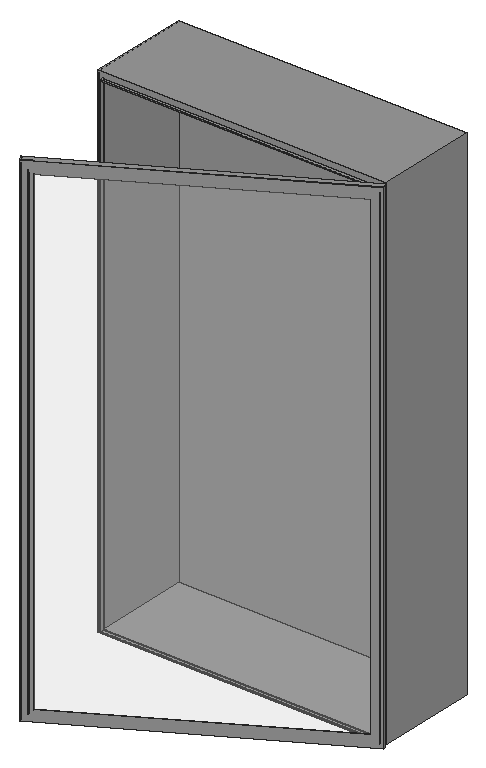
Revit family "Hager-Orion_Inox-IP66-D300-Cl.I-Inox_encl-630A-1400mm-NoHosted-CH-it", category Equipement électrique, Revit 2020
Family settings
  Configuration du panneau = Deux colonnes, circuits au sein
  Cote de connecteur circulaire = Utiliser le diamètre
  Type d'élément = Tableau de raccordement
  Basée sur le plan de construction = Oui
  Toujours verticalement = Oui
  Couper avec des vides une fois chargée = Non
  Partagée = Non
  Point de calcul de pièce = Non
Parameters (values of type "A parete IP66 L800 A1400 P300  - FL049TWL")
  Width Control [instance] = if([EF000008 - Larghezza] > Min Width, [EF000008 - Larghezza], Min Width)  # 800 mm
  Commentaires du type = [HG000003 - Gamma]  # "Orion Inox"
  Thickness Door [instance] = if([EF009171 - spessore materiale porta/coperchio] > 3 mm, 3 mm, [EF009171 - spessore materiale porta/coperchio])  # 1.5 mm
  Seal Frame Offset [instance] = 17 mm  # constant formula
  Min Width [instance] = 100 mm  # constant formula
  Min Depth [instance] = (2 * [EF009170 - spessore materiale scatola]) + 1 mm  # 4 mm
  Min Height [instance] = 100 mm  # constant formula
  Internal Frame Depth [instance] = -(Door System Depth * 0.5)  # -9 mm
  Panel Name [instance] = ""  # (empty or 0)
  Model = ""
  HG000027 - Altezza dello zoccolo = 0 mm
  HG000026 - A pavimento = no
  HG000024 - Altezza della sezione inferiore = 600 mm
  HG000023 - Custodia a doppia sezione = no
  HG000016 - Visibilità delle porte nella vista 3D [instance] = yes
  HG000015 - Visibilità attraverso la porta [instance] = no
  HG000014 - Porta destra [instance] = yes
  HG000013 - Porta sinistra [instance] = not([HG000014 - Porta destra])  # no
  HG000012 - Angolo di apertura della porta [instance] = 30.00°
  HG000010 - Porte asimmetriche = no
  HG000009 - Porta doppia a battente = no
  HG000006 - Ad incasso = no
  HG000004 - Codice produttore = "FL049TWL"
  HG000003 - Gamma = "Orion Inox"
  HG000002 - Con porta = yes
  Frame Offset Bottom [instance] = 10 mm  # constant formula
  Frame Offset [instance] = 15 mm  # constant formula
  EF015940 - Coprire con rilascio di sovrapressione = no
  EF011959 - tipo di protezione (NEMA) = ""
  EF009554 - numero delle aperture per la piastra della flangia = 0
  EF009212 - esecuzione coperchio = "EV000116 - chiuso"
  EF009171 - spessore materiale porta/coperchio = 1.5 mm
  EF009170 - spessore materiale scatola = 1.5 mm
  EF008873 - corrente nominale (In) = 630 A
  EF007800 - adatto per parafulmine = no
  EF006306 - con serratura = yes
  EF006244 - coperchio/porta trasparente = yes
  EF005474 - grado di protezione (IP) = "EV006422 - IP66"
  EF004464 - tipo di porta = "EV002646 - singolo"
  EF004427 - numero di moduli = 0
  EF004293 - resistenza agli urti = "EV006814 - IK08"
  EF003532 - adatto per uso esterno = yes
  EF002950 - Numero moduli DIN = 0
  EF001613 - Integrità del circuito = "EV000494 - senza"
  EF001596 - Attacco Lampada = "EV000166 - acciaio inossidabile"
  EF001131 - profondità interna = 266 mm
  EF001088 - possibilità di applicazione = yes
  EF000437 - numero di ingressi per conduttori = 0
  EF000339 - tipo di copertura = "EV004216 - porta"
  EF000266 - numero di file = 0
  EF000218 - profondità di incasso = 0 mm
  EF000118 - con piastra di montaggio = no
  EF000116 - numero RAL = ""
  EF000049 - profondità = 300 mm
  EF000040 - Altezza = 1400 mm
  EF000008 - Larghezza = 800 mm
  EF000007 - colore = "EV000154 - altri"
  EF000003 - Tipo di montaggio = "EV000384 - A parete"
  Door System Leaf Tolerance [instance] = 1.5 mm  # constant formula
  Door System Depth [instance] = 18 mm  # constant formula
  Description = ""
  Default Elevation = 1219.2 mm
  Connector Offset [instance] = Height Control / 2  # 700 mm
  Fabricant = "Hager"  # constant formula
  Height Control [instance] = if([EF000040 - Altezza] > Min Height, [EF000040 - Altezza], Min Height)  # 1400 mm
  Depth Control [instance] = if([EF000049 - profondità] > Min Depth, [EF000049 - profondità], Min Depth)  # 300 mm
Types (4, lengths in mm): name | HG000004 - Codice produttore | EF006244 - coperchio/porta trasparente | EF004293 - resistenza agli urti
  A parete IP66 L800 A1400 P300  - FL049BW | "FL049BW" | no | "EV008784 - IK10"
  A parete IP66 L800 A1400 P300  - FL049BWL | "FL049BWL" | no | "EV008784 - IK10"
  A parete IP66 L800 A1400 P300  - FL049TW | "FL049TW" | yes | "EV006814 - IK08"
  A parete IP66 L800 A1400 P300  - FL049TWL | "FL049TWL" | yes | "EV006814 - IK08"
Reference planes
  plane 1 "Center (Front/Back)": y = 0
  plane 2: z = 0
  plane 3 "Center (Left/Right)": x = 0
  plane 4: y = 0
  plane 5: y = 0
  plane 6: z = 0
  plane 7: x = -400
  plane 8: x = 400
  plane 9: x = 398.5
  plane 10: x = -398.5
  plane 11: z = 0
  plane 12: z = 1.5
  plane 13: y = -300
  plane 14: y = -1.5
  plane 15: x = 0
  plane 16: y = -282
  plane 17: y = -298.5
  plane 18: y = -280.5
  plane 19: x = -383.5
  plane 20: x = 383.5
  plane 21: z = 11.5
  plane 22: x = -383
  plane 23: x = 383
  plane 24: z = 0
  plane 25: z = 1400
  plane 26: z = 1400
  plane 27: z = 1383.5
  plane 28: z = 1398.5
Forms (mm)
  Extrusion 1, solid, material "Hager_Stainless_Steel", detail levels medium+fine
    sketch origin (-208.679, -4572, 0) x (-1, 0, 0) y (0, -1, 0)
      loop
        line (191.321, -4290) -> (-608.679, -4290) -> (-608.679, -4572) -> (191.321, -4572) -> (191.321, -4290)
    from 0 to 1400
  Extrusion 2, void
    sketch origin (-350.771, -300, 1219.2) x (1, 0, 0) y (0, 0, 1)
      loop
        line (-47.729, 179.3) -> (-47.729, -1217.7) -> (749.271, -1217.7) -> (749.271, 179.3) -> (-47.729, 179.3)
    from -19.5 to -298.5
  Extrusion 3, void
    sketch origin (-290.084, -282, 1219.2) x (1, 0, 0) y (0, 0, 1)
      loop
        line (-93.416, -1207.7) -> (673.584, -1207.7) -> (673.584, 164.3) -> (-93.416, 164.3) -> (-93.416, -1207.7)
    from 0 to -1.5
  Extrusion 4, solid, material "Hager_Stainless_Steel", detail levels fine
    sketch origin (-290.084, -282, 1219.2) x (-1, 0, 0) y (0, 0, 1)
      loop
        line (-673.584, -1207.7) -> (93.416, -1207.7) -> (93.416, 164.3) -> (-673.584, 164.3) -> (-673.584, -1207.7)
      loop
        line (-675.084, -1209.2) -> (94.916, -1209.2) -> (94.916, 165.8) -> (-675.084, 165.8) -> (-675.084, -1209.2)
    from 0 to -9 <- "Internal Frame Depth"
  Extrusion 5, solid, material "Hager_Stainless_Steel", detail levels coarse
    sketch origin (0, 0, 0) x (1, 0, 0) y (0, 1, 0)
      loop
        line (-400, 0) -> (-400, -300) -> (400, -300) -> (400, 0) -> (-400, 0)
    from 0 to 1400 <- "Height Control"
Cuts and joins
  Extrusion 2, Extrusion 3 cuts Extrusion 1
Lines and regions (mm)
  Masking region 1
    outline origin (0, 0, 0) x (1, 0, 0) y (0, 1, 0)
      loop
        line (-400, 0) -> (-400, -300) -> (400, -300) -> (400, 0) -> (-400, 0)
  Masking region 2
    outline origin (-290.084, -282, 1219.2) x (-1, 0, 0) y (0, 0, 1)
      loop
        line (-690.084, -1219.2) -> (109.916, -1219.2) -> (109.916, 180.8) -> (-690.084, 180.8) -> (-690.084, -1219.2)
  Masking region 3, detail levels coarse
    outline origin (0, 0, 0) x (0, 1, 0) y (0, 0, 1)
      loop
        line (0, 0) -> (0, 1400) -> (-300, 1400) -> (-300, 0) -> (0, 0)
  Masking region 4, detail levels medium+fine
    outline origin (0, 0, 594.038) x (0, 1, 0) y (0, 0, 1)
      loop
        line (0, -594.038) -> (0, 805.962) -> (-282, 805.962) -> (-282, -594.038) -> (0, -594.038)
Dimensions and locks
  locked: plane 1 "Center (Front/Back)" to plane 5
  "EF009170 - spessore materiale scatola": plane 7 to plane 10
  "EF009170 - spessore materiale scatola": plane 8 to plane 9
  equal spacing: plane 7, plane 3 "Center (Left/Right)", plane 8
  "Width Control": plane 7 to plane 8
  "Depth Control": plane 4 to plane 13
  "EF009170 - spessore materiale scatola": plane 4 to plane 14
  "Height Control": plane 25 to level
  "EF009170 - spessore materiale scatola": plane 12 to plane 11
  "EF009170 - spessore materiale scatola": plane 17 to plane 13
  "EF009170 - spessore materiale scatola": plane 18 to plane 16
  "Frame Offset Bottom": plane 21 to plane 12
  "Frame Offset": plane 10 to plane 19
  "Frame Offset": plane 9 to plane 20
  "Door System Depth": plane 16 to plane 13
  "Seal Frame Offset": plane 7 to plane 22
  "Seal Frame Offset": plane 8 to plane 23
  "EF009170 - spessore materiale scatola": plane 26 to plane 28
  "Frame Offset": plane 28 to plane 27
  "Connector Offset": plane 2 to connector elem
  "Thickness Door": cut or joined group of Extrusion 1, Extrusion 2, Extrusion 3 to Extrusion 4 sketch curve
  "Thickness Door": Extrusion 4 sketch curve to plane 19
  "Thickness Door": Extrusion 4 sketch curve to plane 20
  "Thickness Door": Extrusion 4 sketch curve to plane 27
  aligned and locked: Extrusion 2 sketch curve to plane 12
  aligned and locked: Extrusion 2 sketch curve to plane 9
  aligned and locked: Extrusion 2 sketch curve to plane 10
  aligned and locked: Extrusion 2 to plane 14
  aligned and locked: Extrusion 1 sketch curve to plane 4
  aligned and locked: plane 8 to Extrusion 1 sketch curve
  aligned and locked: plane 7 to Extrusion 1 sketch curve
  aligned and locked: Extrusion 2 to plane 18
  aligned and locked: Extrusion 3 sketch curve to plane 19
  aligned and locked: plane 20 to Extrusion 3 sketch curve
  aligned and locked: Extrusion 3 to Extrusion 2
  aligned and locked: Extrusion 3 sketch curve to plane 21
  aligned and locked: plane 3 "Center (Left/Right)" to nested 1
  aligned and locked: Extrusion 1 sketch curve to plane 16
  aligned and locked: Masking region 1 sketch curve to plane 7
  aligned and locked: Masking region 1 sketch curve to plane 5
  aligned and locked: Masking region 1 sketch curve to plane 8
  aligned and locked: Masking region 2 sketch curve to level
  aligned and locked: level to Masking region 3 sketch curve
  aligned and locked: plane 1 "Center (Front/Back)" to Masking region 3 sketch curve
  aligned and locked: plane 13 to Masking region 3 sketch curve
  aligned and locked: Masking region 2 sketch curve to plane 8
  aligned and locked: Masking region 2 sketch curve to plane 7
  aligned and locked: plane 7 to nested 2
  aligned and locked: nested 2 to plane 5
  aligned and locked: plane 5 to Masking region 4 sketch curve
  aligned and locked: plane 26 to Masking region 4 sketch curve
  aligned and locked: Extrusion 5 sketch curve to plane 8
  aligned and locked: Extrusion 5 sketch curve to plane 7
  aligned and locked: Extrusion 5 sketch curve to plane 5
  aligned and locked: Extrusion 3 sketch curve to plane 27
  aligned and locked: Extrusion 2 sketch curve to plane 28
  aligned and locked: Extrusion 4 sketch curve to plane 27
  aligned and locked: Extrusion 4 sketch curve to plane 20
  aligned and locked: Extrusion 4 sketch curve to plane 21
  aligned and locked: Extrusion 4 sketch curve to plane 19
  aligned and locked: Masking region 2 to plane 25
  aligned and locked: Masking region 4 sketch curve to plane 24
  aligned and locked: Masking region 1 to plane 13
  aligned and locked: nested 1 to plane 16
  aligned and locked: Masking region 3 to plane 25
  aligned and locked: Masking region 4 sketch curve to plane 16
  aligned and locked: plane 24 to plane 11
  aligned and locked: plane 26 to plane 25
  aligned and locked: level to plane 24
  aligned and locked: Extrusion 1 to Masking region 3
  aligned and locked: level to nested 1
Automatic sketch dimensions
  Extrusion 5 sketch curve to plane 13 = 0 mm
  plane 27 to Masking region 2 sketch curve = 16.5 mm
  plane 27 to Masking region 3 sketch curve = 16.5 mm
  Masking region 1 sketch curve to plane 13 = 0 mm
  Extrusion 3 sketch curve to plane 21 = 0 mm
  plane 19 to Extrusion 3 sketch curve = 0 mm
  Extrusion 3 sketch curve to plane 20 = 0 mm
Nested families
  nested 1: "EC000058_OrionInox_Door" at (0, -282, 0), Double <- "HG000009 - Porta doppia a battente", Transparent <- "EF006244 - coperchio/porta trasparente", Angle <- "HG000012 - Angolo di apertura della porta", Door_Right <- "HG000014 - Porta destra", Assymetrical <- "HG000010 - Porte asimmetriche", Door <- "HG000002 - Con porta", Width_Ctrl <- "Width Control", 3d_Door <- "HG000016 - Visibilità delle porte nella vista 3D", Clearance <- "HG000015 - Visibilità attraverso la porta", Door_Left <- "HG000013 - Porta sinistra", Width <- "Width Control", Door_Depth <- "Door System Depth", Leaf_Tolerance <- "Door System Leaf Tolerance", Height <- "Height Control", Thickness <- "Thickness Door", type "EC000058_OrionInox_Door", detail levels medium+fine
    with min_wh 4 mm, Width_Ctrl 800 mm, Width 800 mm, Transparent yes, Thickness 1.5 mm, Seal_Material Hager_Rubber, Leaf_Width 800 mm, Leaf_Tolerance_External_Sides 0 mm, Leaf_Tolerance 1.5 mm, Leaf_Offset 0 mm, Leaf_Height 1397 mm, Leaf_2_Width 800 mm, Leaf_2_Offset 400 mm, Leaf_1_Width 800 mm, Leaf_1_Offset 400 mm, Height_Ctrl 1400 mm, Height 1400 mm, Glass_Material Hager_Glass, Double_Clearance_Ctrl no, Double no, Door_Right_Ctrl yes, Door_Right yes, Door_Material Hager_Stainless_Steel, Door_Left_Ctrl no, Door_Left no, Door_Depth 18 mm, Door yes, Clearance_Material Hager_Clearance, Clearance_Depth 800 mm, Clearance_Ctrl no, Clearance no, Assymetrical no, Angle 30.00°, 3d_Door yes
  nested 2: "Hager_Enclosure_Symbol" at (-400, 0, 0), Height <- "Depth Control", Width <- "Width Control", type "Hager_Enclosure_Symbol"
    with Width_Ctrl 800 mm, Width 800 mm, Height_Ctrl 300 mm, Height 300 mm, A_Width_Int 19.688 mm, A_Width 236.25 mm, A_Height_Ctrl 262.5 mm, A_Height 262.5 mm
Connectors
  electrical at (0, 0, 700)
    settings: on plane 1 "Center (Front/Back)", index 1, voltage 0 V, apparent load 0 VA, apparent load phase1 0 VA, apparent load phase2 0 VA, apparent load phase3 0 VA, power factor 1, load classification "Other", number of poles 1, system type 30, power factor state 1, is connector primary yes, connector utility no, sub classification motor no, connector description ""
Definition of nested family "EC000058_OrionInox_Door"
  Parameters (values of type "EC000058_OrionInox_Door")
    min_wh [instance] = (2 * Thickness) + 1 mm  # 11 mm
    Width_Ctrl [instance] = 400 mm
    Width [instance] = 500 mm
    Transparent [instance] = yes
    Thickness [instance] = 5 mm
    Seal_Material [instance] = none
    Leaf_Width [instance] = if((Width_Ctrl - 2 * Leaf_Tolerance_External_Sides) > 0 mm, (Width_Ctrl - 2 * Leaf_Tolerance_External_Sides), min_wh)  # 400 mm
    Leaf_Tolerance_External_Sides [instance] = 0 mm  # constant formula
    Leaf_Tolerance [instance] = 1.5 mm
    Leaf_Offset [instance] = 0 mm  # constant formula
    Leaf_Height [instance] = if((Height_Ctrl - 2 * Leaf_Tolerance) > 0 mm, (Height_Ctrl - 2 * Leaf_Tolerance), min_wh)  # 497 mm
    Leaf_2_Width [instance] = if(and(and(Double, Assymetrical), Door_Left), (Leaf_Width / 3) - (Leaf_Tolerance / 2), if(and(and(Double, Assymetrical), Door_Right), (Leaf_Width / 3) * 2 - (Leaf_Tolerance / 2), if(and(Double, not(Assymetrical)), (Leaf_Width / 2) - Leaf_Tolerance, Leaf_Width)))  # 400 mm
    Leaf_2_Offset [instance] = if(and(Double, Assymetrical), Leaf_2_Width / 2, if(and(Double, not(Assymetrical)), Leaf_Width / 4, Leaf_Width / 2))  # 200 mm
    Leaf_1_Width [instance] = if(and(and(Double, Assymetrical), Door_Right), (Leaf_Width / 3) - (Leaf_Tolerance / 2), if(and(and(Double, Assymetrical), Door_Left), (Width / 3) * 2 - (Leaf_Tolerance / 2), if(and(Double, not(Assymetrical)), (Leaf_Width / 2) - Leaf_Tolerance, Leaf_Width)))  # 400 mm
    Leaf_1_Offset [instance] = if(and(Double, Assymetrical), Leaf_1_Width / 2, if(and(Double, not(Assymetrical)), Leaf_Width / 4, Leaf_Width / 2))  # 200 mm
    Height_Ctrl [instance] = if(Height > min_wh, Height, min_wh)  # 500 mm
    Height [instance] = 500 mm
    Glass_Material [instance] = none
    Double_Clearance_Ctrl [instance] = and(Double, Clearance)  # no
    Double [instance] = no
    Door_Right_Ctrl [instance] = and(or(Door_Right, Double), Door)  # yes
    Door_Right [instance] = yes
    Door_Material [instance] = none
    Door_Left_Ctrl [instance] = and(or(Door_Left, Double), Door)  # no
    Door_Left [instance] = no
    Door_Depth [instance] = 30 mm
    Door [instance] = yes
    Default Elevation = 1219.2 mm
    Clearance_Material [instance] = none
    Clearance_Depth [instance] = if(Leaf_1_Width > Leaf_2_Width, Leaf_1_Width, Leaf_2_Width)  # 400 mm
    Clearance_Ctrl [instance] = and(not(Double), Clearance)  # yes
    Clearance [instance] = yes
    Assymetrical [instance] = yes
    Angle [instance] = 30.00°
    3d_Door [instance] = yes
  Reference planes
    plane 1 "Center (Front/Back)": y = 0
    plane 2 "Bottom": z = 0
    plane 3 "Center (Left/Right)": x = 0
    plane 4: z = 500
    plane 5: x = -200
    plane 6: x = 200
    plane 7: z = 500
    plane 8: x = -200
    plane 9: z = 0
    plane 10: x = 200
    plane 11: y = 0
    plane 12: z = 1.5
    plane 13: x = -600
    plane 14: y = -400
    plane 15: x = 600
    plane 16: x = 0
    plane 17: x = 0
    plane 18: x = -200
    plane 19: x = 200
    plane 20: z = 498.5
  Forms (mm)
    Extrusion 1, solid, material <- "Clearance_Material", visible <- "Double_Clearance_Ctrl"
      sketch origin (1200, 0, 0) x (1, 0, 0) y (0, 0, -1)
        loop
          line (-1800, -498.5) -> (-600, -498.5) -> (-600, 0) -> (-1800, 0) -> (-1800, -498.5)
      from 0 to -400
  Dimensions and locks
    equal spacing: plane 5, plane 3 "Center (Left/Right)", plane 6
    "Width_Ctrl": plane 5 to plane 6
    "Leaf_Offset": plane 5 to plane 8
    "Leaf_Offset": plane 6 to plane 10
    "Leaf_Offset": plane 9 to level
    "Leaf_Offset": plane 4 to plane 7
    "Height_Ctrl": plane 4 to level
    "Leaf_Tolerance": plane 12 to plane 9
    locked: plane 11 to plane 1 "Center (Front/Back)"
    "Leaf_1_Offset": plane 18 to plane 16
    "Leaf_2_Offset": plane 17 to plane 19
    "Leaf_1_Width": plane 13 to plane 8
    "Leaf_2_Width": plane 10 to plane 15
    "Clearance_Depth": plane 14 to plane 1 "Center (Front/Back)"
    "Leaf_Tolerance_External_Sides": plane 8 to plane 18
    "Leaf_Tolerance_External_Sides": plane 19 to plane 10
    "Leaf_Tolerance": plane 7 to plane 20
    aligned and locked: level to plane 2 "Bottom"
    aligned and locked: nested 1 to plane 16
    aligned and locked: nested 2 to plane 17
    aligned and locked: Extrusion 1 to plane 13
    aligned and locked: plane 15 to Extrusion 1
    aligned and locked: Extrusion 1 to plane 14
    aligned and locked: plane 12 to nested 1
    aligned and locked: nested 2 to plane 12
    aligned and locked: Extrusion 1 to plane 11
    aligned and locked: plane 20 to Extrusion 1
    aligned and locked: nested 2 to plane 11
    aligned and locked: nested 1 to plane 11
  Automatic sketch dimensions
    Extrusion 1 sketch curve to level = 0 mm
    plane 5 to Extrusion 1 sketch curve = 400 mm
    plane 6 to Extrusion 1 sketch curve = 400 mm
    Extrusion 1 sketch curve to plane 4 = 1.5 mm
  Nested families
    nested 1: "EC000058_OrionInox_Door_Leaf" at (0, 0, 1.5), Width <- "Leaf_1_Width", visible <- "Door_Left_Ctrl", Leaf_Height <- "Leaf_Height", Angle <- "Angle", 3d_Door <- "3d_Door", Transparent <- "Transparent", Clearance Material <- "Clearance_Material", Clearance <- "Clearance_Ctrl", Door_Material <- "Door_Material", Glass_Material <- "Glass_Material", Door_Depth <- "Door_Depth", Seal_Material <- "Seal_Material", Thickness <- "Thickness", type "EC000058_OrionInox_Door_Leaf"
      with Width 400 mm, Transparent_Ctrl yes, Transparent yes, Thickness 5 mm, Standard no, Seal_Material none, Seal_D2 8 mm, Seal_D1 1 mm, Offset_Internal_Frame 10 mm, Lock_Width 28 mm, Lock_Thickness 2 mm, Lock_Radius 6 mm, Leaf_Height 497 mm, Internal_Seal_Thickness 8 mm, Internal_Seal_Depth_2 4.5 mm, Internal_Frame_Depth 25 mm, Glass_Thickness -1 mm, Glass_Offset -2 mm, Glass_Material none, Door_Material none, Door_Depth 30 mm, Clearance Material none, Clearance yes, Angle_Ctrl 30.00°, Angle 30.00°, 3d_Door yes
    nested 2: "EC000058_OrionInox_Door_Leaf" at (0, 0, 1.5) x (-1, 0, 0) z (0, 0, 1), Width <- "Leaf_2_Width", visible <- "Door_Right_Ctrl", Leaf_Height <- "Leaf_Height", Angle <- "Angle", 3d_Door <- "3d_Door", Transparent <- "Transparent", Clearance Material <- "Clearance_Material", Clearance <- "Clearance_Ctrl", Door_Material <- "Door_Material", Glass_Material <- "Glass_Material", Door_Depth <- "Door_Depth", Seal_Material <- "Seal_Material", Thickness <- "Thickness", type "EC000058_OrionInox_Door_Leaf"
      with Width 400 mm, Transparent_Ctrl yes, Transparent yes, Thickness 5 mm, Standard no, Seal_Material none, Seal_D2 8 mm, Seal_D1 1 mm, Offset_Internal_Frame 10 mm, Lock_Width 28 mm, Lock_Thickness 2 mm, Lock_Radius 6 mm, Leaf_Height 497 mm, Internal_Seal_Thickness 8 mm, Internal_Seal_Depth_2 4.5 mm, Internal_Frame_Depth 25 mm, Glass_Thickness -1 mm, Glass_Offset -2 mm, Glass_Material none, Door_Material none, Door_Depth 30 mm, Clearance Material none, Clearance yes, Angle_Ctrl 30.00°, Angle 30.00°, 3d_Door yes
  Definition of nested family "EC000058_OrionInox_Door_Leaf"
    Parameters (values of type "EC000058_OrionInox_Door_Leaf")
      Width [instance] = 450 mm
      Transparent_Ctrl [instance] = and(Transparent, [3d_Door])  # yes
      Transparent [instance] = yes
      Thickness [instance] = 5 mm
      Standard [instance] = and(not(Transparent), [3d_Door])  # no
      Seal_Material [instance] = none
      Seal_D2 [instance] = 8 mm  # constant formula
      Seal_D1 [instance] = 1 mm  # constant formula
      Offset_Internal_Frame [instance] = 10 mm  # constant formula
      Lock_Width [instance] = Door_Depth - Lock_Thickness  # 28 mm
      Lock_Thickness [instance] = 2 mm  # constant formula
      Lock_Radius [instance] = 6 mm  # constant formula
      Leaf_Height [instance] = 450 mm
      Internal_Seal_Thickness [instance] = 8 mm  # constant formula
      Internal_Seal_Depth_2 [instance] = 4.5 mm  # constant formula
      Internal_Frame_Depth [instance] = if(Door_Depth - Thickness > 5 mm, Door_Depth - Thickness, 5 mm)  # 25 mm
      Glass_Thickness [instance] = if(Thickness > 15 mm, Glass_Offset + 10 mm, -1 mm)  # -1 mm
      Glass_Offset [instance] = if(Thickness > 15 mm, -(Thickness + 10 mm) / 2, -2 mm)  # -2 mm
      Glass_Material [instance] = none
      Door_Material [instance] = none
      Door_Depth [instance] = 30 mm
      Default Elevation = 0 mm
      Clearance Material [instance] = none
      Clearance [instance] = yes
      Angle_Ctrl [instance] = if(Angle > 180.00°, 180.00°, Angle)  # 90.00°
      Angle [instance] = 90.00°
      3d_Door [instance] = yes
    Reference planes
      plane 1 "Center (Front/Back)": y = 0
      plane 2: z = 0
      plane 3 "Center (Left/Right)": x = 0
      plane 4: y = 450
      plane 5: x = -225
      plane 6: x = 225
      plane 7: x = -675
      plane 8: z = 450
      plane 9: z = 30
      plane 10: z = 420
      plane 11: x = 195
      plane 12: x = -195
      plane 13: y = -3
      plane 14: z = 107.833
      plane 15: y = -5
      plane 16: y = -223.314
      plane 17: x = -225
      plane 18: y = 30
    Forms (mm)
      Extrusion 1, solid, material <- "Clearance Material", visible <- "Clearance"
        sketch origin (0, 0, 0) x (1, 0, 0) y (0, 0, 1)
          loop
            line (-675, 450) -> (-675, 0) -> (225, 0) -> (225, 450) -> (-675, 450)
        from 0 to -450
      Extrusion 2, solid, material <- "Door_Material", visible <- "Standard", detail levels medium+fine
        sketch origin (-225, 0, 0) x (0, 1, 0) y (-1, 0, 0)
          loop
            line (0, 30) -> (0, 25) -> (450, 25) -> (450, 30) -> (0, 30)
        from 0 to 450 <- "Leaf_Height"
      Extrusion 3, solid, material <- "Door_Material", visible <- "Transparent_Ctrl", detail levels medium+fine
        sketch origin (-225, 0, 0) x (0, 1, 0) y (-1, 0, 0)
          loop
            line (0, 25) -> (450, 25) -> (450, 30) -> (0, 30) -> (0, 25)
        from 0 to 450 <- "Leaf_Height"
      Extrusion 4, void
        sketch origin (-250, 450, 0) x (0, 1, 0) y (0, 0, -1)
          loop
            line (-30, -420) -> (-30, -30) -> (-420, -30) -> (-420, -420) -> (-30, -420)
        from 0 to 5 <- "Thickness"
      Sweep 5, solid, material <- "Seal_Material", visible <- "Transparent_Ctrl", detail levels fine
        path in 3D
          loop
            line (-250, 30, 30) -> (-250, 30, 420) -> (-250, 420, 420) -> (-250, 420, 30) -> (-250, 30, 30)
        profile origin (-250, 225, 30) x (1, 0, 0) y (0, 0, 1)
          loop
            line (0, 0) -> (0, -8) -> (1, -8) -> (1, 0) -> (0, 0)
      Extrusion 6, solid, material <- "Glass_Material", visible <- "Transparent_Ctrl", detail levels medium+fine
        sketch origin (-255, 0, 0) x (0, 1, 0) y (0, 0, -1)
          loop
            line (420, -420) -> (420, -30) -> (30, -30) -> (30, -420) -> (420, -420)
        from -2 <- "Glass_Offset" to -1 <- "Glass_Thickness"
      Extrusion 7, solid, material <- "Door_Material", visible <- "3d_Door", detail levels medium+fine
        sketch origin (-250, 450, 0) x (0, -1, 0) y (0, 0, -1)
          loop
            line (0, -450) -> (450, -450) -> (450, 0) -> (0, 0) -> (0, -450)
          loop
            line (445, -5) -> (5, -5) -> (5, -445) -> (445, -445) -> (445, -5)
        from 0 to 25 <- "Internal_Frame_Depth"
      Sweep 8, solid, material <- "Seal_Material", visible <- "Transparent_Ctrl", detail levels fine
        path in 3D
          loop
            line (-250, 0, 0) -> (-250, 450, 0) -> (-250, 450, 450) -> (-250, 0, 450) -> (-250, 0, 0)
        profile origin (-250, 0, 225) x (1, 0, 0) y (0, 1, 0)
          loop
            line (0, 10) -> (2.975, 10)
            arc (2.975, 10) -> (4.053, 10.447) -> (4.5, 11.525) r 1.525
            line (4.5, 11.525) -> (4.5, 16.527)
            arc (4.5, 16.527) -> (4.069, 17.569) -> (3.027, 18) r 1.473
            line (3.027, 18) -> (0, 18) -> (0, 10)
    Cuts and joins
      Extrusion 4 cuts Extrusion 3
    Lines and regions (mm)
      Masking region 1, detail levels medium+fine
        outline origin (0, 0, 0) x (0, 1, 0) y (0, 0, 1)
          loop
            line (0, 0) -> (30, 0) -> (30, 450) -> (0, 450) -> (0, 0)
      Masking region 2, detail levels medium+fine
        outline origin (0, 0, 0) x (1, 0, 0) y (0, 0, 1)
          loop
            line (-225, 450) -> (-225, 0) -> (225, 0) -> (225, 450) -> (-225, 450)
      symbolic lines
        curve 1: line (225, 0, 0) -> (-675, 0, 0)
        curve 2: arc (225, 0, 0) -> (-225, 450, 0) -> (-675, 0, 0) r 450
        curve 4: line (-255, 0, 0) -> (-255, 450, 0)
      reference lines
        curve 3: line (-225, 0, 0) -> (-225, 450, 0)
      symbolic lines, detail levels medium+fine
        curve 5: line (-255, 450, 0) -> (-250, 450, 0)
        curve 7: line (-250, 0, 0) -> (-255, 0, 0)
        curve 8: line (-250, 0, 0) -> (-225, 0, 0)
        curve 9: line (-225, 0, 0) -> (-225, 450, 0)
        curve 10: line (-225, 450, 0) -> (-250, 450, 0)
      symbolic lines, detail levels fine
        curve 6: line (-250, 450, 0) -> (-250, 0, 0)
      sketch lines
        curve 11: line (-250, 0, 450) -> (-250, 0, 0)
        curve 12: line (-250, 450, 0) -> (-250, 0, 0)
        curve 13: line (-250, 450, 450) -> (-250, 450, 0)
        curve 14: line (-250, 0, 450) -> (-250, 450, 450)
        curve 15: line (-250, 420, 30) -> (-250, 30, 30)
        curve 16: line (-250, 30, 30) -> (-250, 30, 420)
        curve 17: line (-250, 420, 420) -> (-250, 420, 30)
        curve 18: line (-250, 30, 420) -> (-250, 420, 420)
      symbolic lines, visible <- "Transparent", detail levels medium+fine
        curve 19: line (-195, 0, 420) -> (195, 0, 420)
        curve 20: line (-195, 0, 30) -> (-195, 0, 420)
        curve 21: line (195, 0, 30) -> (-195, 0, 30)
        curve 22: line (195, 0, 420) -> (195, 0, 30)
    Dimensions and locks
      "Width": plane 1 "Center (Front/Back)" to plane 4
      equal spacing: plane 5, plane 3 "Center (Left/Right)", plane 6
      "Width": plane 5 to plane 6
      "Width": plane 7 to plane 5
      "Leaf_Height": plane 8 to level
      "Width": curve 5 to curve 3
      "Width": curve 3 to curve 3
      plane 8 to plane 10 = 30 mm
      plane 9 to level = 30 mm
      plane 12 to plane 5 = 30 mm
      plane 6 to plane 11 = 30 mm
      Extrusion 4 sketch curve to Extrusion 3 = 30 mm
      Extrusion 3 to Extrusion 4 sketch curve = 30 mm
      Extrusion 1 to Extrusion 4 sketch curve = 30 mm
      curve 3 to Extrusion 4 sketch curve = 30 mm
      Extrusion 4 sketch curve to cut or joined group of Extrusion 3, Extrusion 4 = 30 mm
      cut or joined group of Extrusion 3, Extrusion 4 to Extrusion 6 sketch curve = 30 mm
      cut or joined group of Extrusion 3, Extrusion 4 to Extrusion 4 sketch curve = 30 mm
      "Thickness": curve 6 to curve 4
      "Thickness": Extrusion 7 sketch curve to Extrusion 7 sketch curve  (x4)
      "Door_Depth": curve 4 to curve 3
      "Offset_Internal_Frame": profile plane to Sweep 8 sketch curve
      "Internal_Seal_Thickness": Sweep 8 sketch curve to Sweep 8 sketch curve
      "Internal_Seal_Depth_2": profile plane to Sweep 8 sketch curve
      "Seal_D1": profile plane to Sweep 5 sketch curve
      "Seal_D2": profile plane to Sweep 5 sketch curve
      "Thickness": Extrusion 2 sketch curve to Extrusion 2 sketch curve
      "Door_Depth": plane 18 to plane 1 "Center (Front/Back)"
      radius of Sweep 8 sketch curve = 1.525 mm
      radius of Sweep 8 sketch curve = 1.473 mm
      "Angle_Ctrl": angle plane 1 "Center (Front/Back)" to curve 3
      aligned and locked: level to plane 2
      aligned and locked: Extrusion 1 to curve 1
      aligned and locked: plane 6 to Extrusion 1
      aligned and locked: plane 1 "Center (Front/Back)" to Extrusion 1
      aligned and locked: plane 4 to Extrusion 1
      aligned and locked: plane 8 to Extrusion 1
      aligned and locked: curve 7 to Extrusion 2 sketch curve
      aligned and locked: curve 5 to Extrusion 2 sketch curve
      aligned and locked: curve 7 to Extrusion 3 sketch curve
      aligned and locked: Extrusion 3 sketch curve to curve 4
      aligned and locked: Extrusion 3 sketch curve to curve 6
      aligned and locked: Extrusion 3 sketch curve to curve 5
      aligned and locked: curve 9 to curve 3
      aligned and locked: Extrusion 7 sketch curve to cut or joined group of Extrusion 3, Extrusion 4  (x4)
      aligned and locked: plane 17 to curve 3
      aligned and locked: plane 1 "Center (Front/Back)" to curve 3
      aligned and locked: plane 17 to plane 5
      aligned and locked: Sweep 8 sketch curve to profile plane
      aligned and locked: Sweep 5 sketch curve to profile plane  (x2)
      aligned and locked: plane 1 "Center (Front/Back)" to Masking region 1 sketch curve
      aligned and locked: plane 18 to Masking region 1 sketch curve
      aligned and locked: level to Masking region 1 sketch curve
      aligned and locked: Masking region 1 sketch curve to plane 8
      aligned and locked: plane 17 to Masking region 2 sketch curve
      aligned and locked: level to Masking region 2 sketch curve
      aligned and locked: Masking region 2 sketch curve to plane 8
      aligned and locked: plane 12 to curve 20
      aligned and locked: plane 10 to curve 19
      aligned and locked: plane 11 to curve 22
      aligned and locked: plane 9 to curve 21
      aligned and locked: Extrusion 2 sketch curve to cut or joined group of Extrusion 3, Extrusion 4
    Automatic sketch dimensions
      plane 1 "Center (Front/Back)" to curve 2 = 0 mm
      curve 2 to plane 5 = 0 mm
      Extrusion 1 sketch curve to level = 0 mm
      Extrusion 1 sketch curve to plane 7 = 0 mm
      Extrusion 1 sketch curve to plane 6 = 0 mm
      Extrusion 1 sketch curve to plane 8 = 0 mm
      Extrusion 3 to Extrusion 6 sketch curve = 30 mm  (x4)
      Masking region 2 sketch curve to plane 6 = 0 mm
      curve 4 to curve 3 = 0 mm
Definition of nested family "Hager_Enclosure_Symbol"
  Parameters (values of type "Hager_Enclosure_Symbol")
    Width_Ctrl [instance] = if(Width > 1 mm, Width, 1 mm)  # 102.27 mm
    Width [instance] = 102.27 mm
    Height_Ctrl [instance] = if(Height > 1 mm, Height, 1 mm)  # 66.5 mm
    A_Width_Int [instance] = if(A_Width / 12 > 2 mm, A_Width / 12, 2 mm)  # 4.364 mm
    A_Width [instance] = if(A_Height_Ctrl * 0.9 > 2 mm, A_Height_Ctrl * 0.9, 2 mm)  # 52.369 mm
    A_Height_Ctrl [instance] = if(A_Height > 2 mm, A_Height, 2 mm)  # 58.188 mm
    Height [instance] = 66.5 mm
    A_Height [instance] = Height - (Height / 8)  # 58.188 mm
  Reference planes
    plane 1 "Centre (avant/arrière)": y = 0
    plane 2: z = 0
    plane 3 "Centre (gauche/droite)": x = 0
    plane 4: x = 52.369
    plane 5: y = 33.042
    plane 6: y = 41.77
    plane 7: y = 66.5
    plane 8: x = 26.184
    plane 9: y = 37.406
    plane 10: x = 102.27
    plane 11: y = 66.5
    plane 12: y = 8.313
  Lines and regions (mm)
    Filled region 1, type "Solid_Black", in view "Niveau de réf."
      outline origin (0, 0, 0) x (1, 0, 0) y (0, 1, 0)
        loop
          line (52.369, 66.5) -> (33.188, 54.536) -> (45.365, 45.006) -> (52.369, 66.5)
    Filled region 2, type "Solid_Black", in view "Niveau de réf."
      outline origin (0, 0, 0) x (1, 0, 0) y (0, 1, 0)
        loop
          line (0, 0) -> (102.27, 0) -> (102.27, 66.5) -> (0, 0)
    detail lines, in view "Niveau de réf."
      curve 1: line (0, 8.313, 0) -> (26.184, 41.77, 0)
      curve 2: line (26.184, 41.77, 0) -> (26.184, 33.042, 0)
      curve 3: line (26.184, 33.042, 0) -> (52.369, 66.5, 0)
  Dimensions and locks
    "A_Width": plane 3 "Centre (gauche/droite)" to plane 4
    equal spacing: plane 3 "Centre (gauche/droite)", plane 8, plane 4
    equal spacing: plane 6, plane 9, plane 5
    equal spacing: curve 3, Filled region 1 sketch curve, Filled region 1 sketch curve
    "Height_Ctrl": plane 1 "Centre (avant/arrière)" to plane 11
    "A_Height_Ctrl": plane 11 to plane 12
    equal spacing: plane 11, plane 9, plane 12
    "A_Width_Int": plane 6 to plane 9
    "Width_Ctrl": plane 3 "Centre (gauche/droite)" to plane 10
    angle Filled region 1 sketch curve to curve 3 = 20.00°
    angle curve 3 to Filled region 1 sketch curve = 20.00°
    locked: curve 3 to Filled region 1 sketch curve (angle 90.00°)
    aligned and locked: plane 10 to Filled region 2
    aligned and locked: plane 11 to Filled region 2 sketch curve
    aligned and locked: plane 10 to Filled region 2 sketch curve
    aligned and locked: plane 3 "Centre (gauche/droite)" to curve 1
    aligned and locked: plane 12 to curve 1
    aligned and locked: plane 7 to plane 11
  Automatic sketch dimensions
    Filled region 1 sketch curve to plane 4 = 0 mm
    Filled region 1 sketch curve to plane 7 = 0 mm
    plane 1 "Centre (avant/arrière)" to Filled region 2 sketch curve = 0 mm
    Filled region 2 sketch curve to plane 3 "Centre (gauche/droite)" = 0 mm
    curve 2 to plane 6 = 0 mm
    curve 2 to plane 8 = 0 mm
    curve 3 to plane 4 = 0 mm
    curve 2 to plane 5 = 0 mm
    curve 3 to plane 7 = 0 mm
